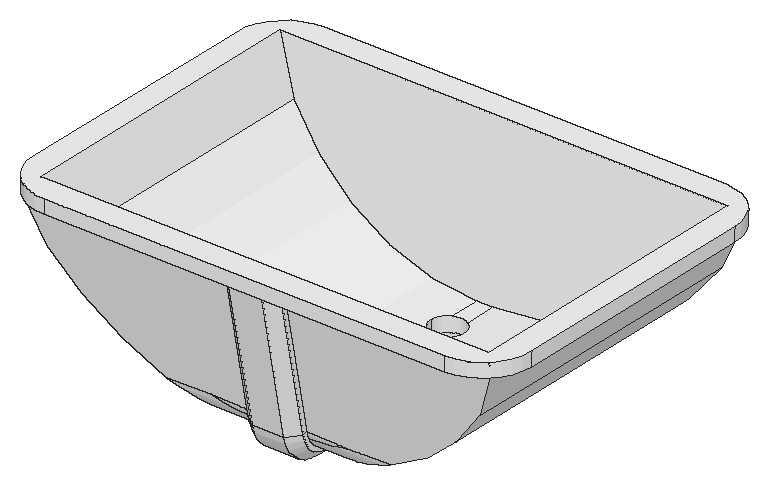
Revit family "Sink-Undermount-Waterworks-Rectangular-Clara", category Plumbing Fixtures, host Face, Revit 2014
Parameters (values of type "Single Glazed")
  ‌Installation Requirements or Notes = "Dimensions of sinks are nominal and are subject to slight variations"  # constant formula
  Waste Connection = 1 = 1  # yes
  Warranty = "http://www.waterworks.com/warranty"
  Version = "2014 - v1.0a"  # constant formula
  Vent Connection = 1 = 0  # no
  Support Phone = "(224) 699-9545"  # constant formula
  Support Email = "mailto:support@anguleris.com"
  Sanitary Connector = "Sanitary Drain"  # constant formula
  Model SKU = if(Constraint = 1, "11-48480-15126", if(Constraint = 2, "11-15689-67913", "Not Available"))  # "11-48480-15126"
  Manufacturer Email = "mailto:acallanan@waterworks.com"
  Length = 1' - 8 1/16"  # constant formula
  Keynote = "22 40 00.A5"
  Height = 0' - 8"  # constant formula
  HW Connection = 1 = 0  # no
  WFU = 0
  URL = "http://www.waterworks.com/"
  Product Page URL = "http://www.waterworks.com/clara-undermount-rectangular-vitreous-china-lavatory-sink-single-glazed-20-1-16-x-14-1-8-x-8-cylv20"
  Product Name = if(Constraint = 1, "Clara Undermount Rectangular Vitreous China Lavatory Sink Single Glazed", if(Constraint = 2, "Clara Undermount Rectangular Vitreous China Lavatory Sink Double Glazed", "Not Available"))  # "Clara Undermount Rectangular Vitreous China Lavatory Sink Single Glazed"
  Product Documentation Link = "http://assets.waterworks.com/wasset/37/original/35037.pdf"
  Model = if(Constraint = 1, "CYLV20", if(Constraint = 2, "CYLV22", "Not Available"))  # "CYLV20"
  Material = ""
  Manufacturer Phone Number = "(203)546-6201"  # constant formula
  Manufacturer Address = "60 Backus Avenue, Danbury, CT 06810"  # constant formula
  Manufacturer = "Waterworks"  # constant formula
  HWFU = 0
  Finish = Vitreous China - Waterworks -  White
  Drain Diameter = 0' - 1 3/8"  # constant formula
  Description = if(Constraint = 1, "Clara Undermount Rectangular Vitreous China Lavatory Sink Single Glazed", if(Constraint = 2, "Clara Undermount Rectangular Vitreous China Lavatory Sink Double Glazed", "Not Availabe"))  # "Clara Undermount Rectangular Vitreous China Lavatory Sink Single Glazed"
  Depth = 1' - 2 1/8"  # constant formula
  Default Elevation = 2' - 10"
  Counter Thickness [instance] = 0' - 1"
  Copyright = "@2017 Waterworks Operating Company LLC. All rights reserved"  # constant formula
  Constraint = 1
  CWFU = 0
  CW Connection = 1 = 0  # no
  Assembly Code = "D2010400"
  ADA Compliant = no
Types (2): name | Model SKU | Product Page URL | Product Name | Product Documentation Link | Model | Description | Constraint | ADA Compliant
  Double Glazed | "11-15689-67913" | "http://www.waterworks.com/clara-undermount-rectangular-vitreous-china-lavatory-sink-double-glazed-20-1-16-x-14-1-8-x-8-cylv22" | "Clara Undermount Rectangular Vitreous China Lavatory Sink Double Glazed" | "http://assets.waterworks.com/wasset/43/original/41043.pdf" | "CYLV22" | "Clara Undermount Rectangular Vitreous China Lavatory Sink Double Glazed" | 2 | yes
  Single Glazed | "11-48480-15126" | "http://www.waterworks.com/clara-undermount-rectangular-vitreous-china-lavatory-sink-single-glazed-20-1-16-x-14-1-8-x-8-cylv20" | "Clara Undermount Rectangular Vitreous China Lavatory Sink Single Glazed" | "http://assets.waterworks.com/wasset/37/original/35037.pdf" | "CYLV20" | "Clara Undermount Rectangular Vitreous China Lavatory Sink Single Glazed" | 1 | no
Reference planes (in)
  plane 1 "Center (Front/Back)": y = 0
  plane 2 "Top": z = 0
  plane 3 "Center (Left/Right)": x = 0
  plane 4 "Left": x = -10.03125
  plane 5 "Right": x = 10.03125
  plane 6 "Front": y = -7.0625
  plane 7 "Back": y = 7.0625
  plane 8 "Bottom": z = -9
  plane 9: z = -1.5625
  plane 10: z = -7.875
  plane 11: y = 6.03125
  plane 12: y = -6.03125
  plane 13: y = 3.1875
  plane 14: x = -9.03125
  plane 15: x = 9.03125
  plane 16: z = -1
Forms (in)
  Extrusion 1, void
    sketch origin (0, 0, 0) x (1, 0, 0) y (0, 1, 0)
      loop
        arc (-8.09375, 7.0625) -> (-9.46377, 6.49502) -> (-10.03125, 5.125) r 1.9375
        line (-10.03125, 5.125) -> (-10.03125, -5.125)
        arc (-10.03125, -5.125) -> (-9.46377, -6.49502) -> (-8.09375, -7.0625) r 1.9375
        line (-8.09375, -7.0625) -> (8.09375, -7.0625)
        arc (8.09375, -7.0625) -> (9.46377, -6.49502) -> (10.03125, -5.125) r 1.9375
        line (10.03125, -5.125) -> (10.03125, 5.125)
        arc (10.03125, 5.125) -> (9.46377, 6.49502) -> (8.09375, 7.0625) r 1.9375
        line (8.09375, 7.0625) -> (-8.09375, 7.0625)
    from -9 to -1
  Extrusion 2, void
    sketch origin (0, 0, 0) x (1, 0, 0) y (0, 1, 0)
      loop
        circle (0, 3.1875) r 0.6875
    from -9 to -1
  Revolve 3, solid, material "Vitreous China - Waterworks -  White" <- "Finish"
    sketch origin (0, 0, 0) x (0, 1, 0) y (0, 0, 1)
      loop
        line (3.875, -7.375) -> (3.875, -9) -> (4.375, -9)
        arc (4.375, -9) -> (4.3971, -8.99085) -> (4.40625, -8.96875) r 0.03125
        line (4.40625, -8.96875) -> (4.40625, -7.375) -> (3.875, -7.375)
      axis (3.1875, -7.375) -> (3.1875, -9)
    angle from 0 to 360
  Extrusion 4, void
    sketch origin (0, 0, 0) x (1, 0, 0) y (0, 1, 0)
      loop
        line (-9.15625, 5.25) -> (-9.15625, -5.25)
        arc (-9.15625, -5.25) -> (-8.89082, -5.89082) -> (-8.25, -6.15625) r 0.90625
        line (-8.25, -6.15625) -> (8.25, -6.15625)
        arc (8.25, -6.15625) -> (8.89082, -5.89082) -> (9.15625, -5.25) r 0.90625
        line (9.15625, -5.25) -> (9.15625, 5.25)
        arc (9.15625, 5.25) -> (8.89082, 5.89082) -> (8.25, 6.15625) r 0.90625
        line (8.25, 6.15625) -> (-8.25, 6.15625)
        arc (-8.25, 6.15625) -> (-8.89082, 5.89082) -> (-9.15625, 5.25) r 0.90625
    from -9 to 0
  Extrusion 5, solid, material "Vitreous China - Waterworks -  White" <- "Finish"
    sketch origin (0, 0, 0) x (1, 0, 0) y (0, 1, 0)
      loop
        line (-9.03125, 6.03125) -> (-9.03125, -6.03125) -> (9.03125, -6.03125) -> (9.03125, 6.03125) -> (-9.03125, 6.03125)
      loop
        arc (-8.09375, 7.0625) -> (-9.46377, 6.49502) -> (-10.03125, 5.125) r 1.9375
        line (-10.03125, 5.125) -> (-10.03125, -5.125)
        arc (-10.03125, -5.125) -> (-9.46377, -6.49502) -> (-8.09375, -7.0625) r 1.9375
        line (-8.09375, -7.0625) -> (8.09375, -7.0625)
        arc (8.09375, -7.0625) -> (9.46377, -6.49502) -> (10.03125, -5.125) r 1.9375
        line (10.03125, -5.125) -> (10.03125, 5.125)
        arc (10.03125, 5.125) -> (9.46377, 6.49502) -> (8.09375, 7.0625) r 1.9375
        line (8.09375, 7.0625) -> (-8.09375, 7.0625)
    from -1.5625 to -1
  Extrusion 6, solid, material "Vitreous China - Waterworks -  White" <- "Finish"
    sketch origin (0, 0, 0) x (1, 0, 0) y (0, 0, 1)
      loop
        line (-9.44179, -1.5625) -> (-8.75344, -3.33945)
        arc (-8.75344, -3.33945) -> (-5.10424, -6.66929) -> (-0.31354, -7.875) r 10.12039
        line (-0.31354, -7.875) -> (0.31354, -7.875)
        arc (0.31354, -7.875) -> (5.10424, -6.66929) -> (8.75344, -3.33945) r 10.12039
        line (8.75344, -3.33945) -> (9.44179, -1.5625) -> (9.44179, -1) -> (9.03125, -1) -> (8.23007, -3.06822)
        arc (8.23007, -3.06822) -> (4.79927, -6.16794) -> (0.31354, -7.28906) r 9.53446
        line (0.31354, -7.28906) -> (-0.31354, -7.28906)
        arc (-0.31354, -7.28906) -> (-4.79941, -6.16786) -> (-8.23025, -3.06795) r 9.53446
        line (-8.23025, -3.06795) -> (-9.03133, -1) -> (-9.44179, -1) -> (-9.44179, -1.5625)
    from -7.0625 to 7.0625
  Extrusion 7, solid, material "Vitreous China - Waterworks -  White" <- "Finish"
    sketch origin (0, 0, 0) x (0, 1, 0) y (0, 0, 1)
      loop
        line (5.50934, -6.90817) -> (6.4202, -1) -> (6.03125, -1) -> (5.06167, -7.28906) -> (-4.73999, -7.28906) -> (-6.03125, -1) -> (-6.54822, -1) -> (-5.32374, -6.96378)
        arc (-5.32374, -6.96378) -> (-4.92731, -7.61831) -> (-4.20643, -7.875) r 1.14062
        line (-4.20643, -7.875) -> (4.38204, -7.875)
        arc (4.38204, -7.875) -> (5.1246, -7.60019) -> (5.50934, -6.90817) r 1.14062
    from -10.03125 to 10.03125
  Extrusion 8, void
    sketch origin (0, 0, 0) x (-1, 0, 0) y (0, 0, 1)
      loop
        line (10.03125, -1) -> (9.44179, -1) -> (9.44179, -1.5625) -> (8.75344, -3.33945)
        arc (8.75344, -3.33945) -> (5.10424, -6.66929) -> (0.31354, -7.875) r 10.12039
        line (0.31354, -7.875) -> (-0.31354, -7.875)
        arc (-0.31354, -7.875) -> (-5.10424, -6.66929) -> (-8.75344, -3.33945) r 10.12039
        line (-8.75344, -3.33945) -> (-9.44179, -1.5625) -> (-9.44179, -1) -> (-10.03125, -1) -> (-10.03125, -9) -> (10.03125, -9) -> (10.03125, -1)
    from -7.0625 to 7.0625
  Extrusion 9, void
    sketch origin (0, 0, 0) x (0, 1, 0) y (0, 0, 1)
      loop
        line (6.4202, -1) -> (5.50934, -6.90817)
        arc (5.50934, -6.90817) -> (5.1246, -7.60019) -> (4.38204, -7.875) r 1.14062
        line (4.38204, -7.875) -> (-4.20643, -7.875)
        arc (-4.20643, -7.875) -> (-4.92731, -7.61831) -> (-5.32374, -6.96378) r 1.14062
        line (-5.32374, -6.96378) -> (-6.54822, -1) -> (-7.0625, -1) -> (-7.0625, -9) -> (7.0625, -9) -> (7.0625, -1) -> (6.4202, -1)
    from -10.03125 to 10.03125
  Sweep 10, solid, material "Vitreous China - Waterworks -  White" <- "Finish"
    path origin (0, 0, 0) x (0, 1, 0) y (0, 0, 1)
      loop
        line (-6.4802, -1.33128) -> (-5.32374, -6.96378)
        arc (-5.32374, -6.96378) -> (-4.92731, -7.61831) -> (-4.20643, -7.875) r 1.14062
        line (-4.20643, -7.875) -> (3.1875, -7.875)
    profile origin (0, 3.1875, -7.875) x (0, 0, 1) y (1, 0, 0)
      loop
        line (-0.18469, -1.1106) -> (0.3125, -1.13061) -> (0.3125, 1.13061) -> (-0.18469, 1.1106) -> (-0.5731, 0.65788) -> (-0.5731, -0.65788) -> (-0.18469, -1.1106)
  Extrusion 11, void
    sketch origin (0, 0, 0) x (1, 0, 0) y (0, 0, 1)
      loop
        circle (0, -2.04121) r 0.25
      loop
        circle (-0.89125, -2.04121) r 0.25
      loop
        circle (0.89125, -2.04121) r 0.25
    from 5.58928 to 6.43273
Cuts and joins
  Extrusion 2 cuts Revolve 3
  Extrusion 2 cuts Extrusion 5
  Extrusion 2, Extrusion 9 cuts Extrusion 6
  Extrusion 2, Extrusion 8, Extrusion 11 cuts Extrusion 7
  Extrusion 2 cuts Sweep 10
  joined: Revolve 3, Extrusion 5, Extrusion 6, Extrusion 7, Sweep 10
Lines and regions (in)
  Masking region 1
    outline origin (0, 0, 0) x (1, 0, 0) y (0, 1, 0)
      loop
        arc (-8.09375, 7.0625) -> (-9.46377, 6.49502) -> (-10.03125, 5.125) r 1.9375
        line (-10.03125, 5.125) -> (-10.03125, -5.125)
        arc (-10.03125, -5.125) -> (-9.46377, -6.49502) -> (-8.09375, -7.0625) r 1.9375
        line (-8.09375, -7.0625) -> (8.09375, -7.0625)
        arc (8.09375, -7.0625) -> (9.46377, -6.49502) -> (10.03125, -5.125) r 1.9375
        line (10.03125, -5.125) -> (10.03125, 5.125)
        arc (10.03125, 5.125) -> (9.46377, 6.49502) -> (8.09375, 7.0625) r 1.9375
        line (8.09375, 7.0625) -> (-8.09375, 7.0625)
  symbolic lines, style "PlumbingFixtures", detail levels medium+fine
    curve 1: circle (0, 3.1875, 0) r 0.6875 normal (0, 0, 1)
  symbolic lines, style "Medium"
    curve 2: line (-8.25, 6.03125, 0) -> (8.25, 6.03125, 0)
    curve 3: line (-9.03125, -5.25, 0) -> (-9.03125, 5.25, 0)
    curve 4: line (8.25, -6.03125, 0) -> (-8.25, -6.03125, 0)
    curve 5: line (9.03125, 5.25, 0) -> (9.03125, -5.25, 0)
    curve 6: arc (-9.03125, 5.25, 0) -> (-8.80243, 5.80243, 0) -> (-8.25, 6.03125, 0) r 0.78125
    curve 7: arc (-8.25, -6.03125, 0) -> (-8.80243, -5.80243, 0) -> (-9.03125, -5.25, 0) r 0.78125
    curve 8: arc (9.03125, -5.25, 0) -> (8.80243, -5.80243, 0) -> (8.25, -6.03125, 0) r 0.78125
    curve 9: arc (8.25, 6.03125, 0) -> (8.80243, 5.80243, 0) -> (9.03125, 5.25, 0) r 0.78125
  symbolic lines, style "PlumbingFixtures", detail levels fine
    curve 10: spline (-0.43304, 5.06167, 0) -> (-1.20268, 5.06815, 0) -> (-1.96633, 5.08411, 0) -> (-2.71899, 5.10944, 0) -> (-3.4557, 5.14398, 0) -> (-4.17163, 5.18751, 0) -> (-4.86205, 5.23973, 0) -> (-5.52243, 5.3003, 0) -> (-6.14844, 5.36883, 0) -> (-6.73594, 5.44486, 0) -> (-7.28108, 5.52789, 0) -> (-7.78028, 5.61738, 0) -> (-8.23025, 5.71273, 0)
    curve 11: line (0.43304, 5.06167, 0) -> (-0.43304, 5.06167, 0)
    curve 12: spline (8.23007, 5.71269, 0) -> (7.78009, 5.61734, 0) -> (7.2809, 5.52786, 0) -> (6.73576, 5.44483, 0) -> (6.14826, 5.36881, 0) -> (5.52227, 5.30028, 0) -> (4.8619, 5.23972, 0) -> (4.1715, 5.1875, 0) -> (3.4556, 5.14398, 0) -> (2.71891, 5.10944, 0) -> (1.96627, 5.08411, 0) -> (1.20264, 5.06815, 0) -> (0.43304, 5.06167, 0)
    curve 13: line (-8.23025, 5.71273, 0) -> (-8.23025, -5.60737, 0)
    curve 14: spline (-8.23025, -5.60737, 0) -> (-7.78462, -5.48105, 0) -> (-7.2895, -5.36242, 0) -> (-6.74817, -5.25227, 0) -> (-6.16418, -5.1513, 0) -> (-5.54139, -5.0602, 0) -> (-4.88391, -4.97957, 0) -> (-4.19606, -4.90992, 0) -> (-3.4824, -4.85173, 0) -> (-2.7476, -4.80538, 0) -> (-1.99654, -4.77117, 0) -> (-1.23415, -4.74932, 0) -> (-0.46546, -4.73999, 0)
    curve 15: line (-0.46546, -4.73999, 0) -> (0.46545, -4.73999, 0)
    curve 16: spline (0.46545, -4.73999, 0) -> (1.23411, -4.74932, 0) -> (1.99648, -4.77116, 0) -> (2.74752, -4.80537, 0) -> (3.48229, -4.85172, 0) -> (4.19593, -4.90991, 0) -> (4.88376, -4.97955, 0) -> (5.54123, -5.06018, 0) -> (6.16401, -5.15128, 0) -> (6.74798, -5.25223, 0) -> (7.28932, -5.36238, 0) -> (7.78443, -5.481, 0) -> (8.23007, -5.60731, 0)
    curve 17: line (8.23007, 5.71269, 0) -> (8.23007, -5.60731, 0)
  symbolic lines, detail levels fine
    curve 18: spline (-1.2034, -5.67783, 0) -> (-1.19316, -5.71472, 0) -> (-1.16315, -5.7491, 0) -> (-1.11539, -5.77863, 0) -> (-1.05316, -5.80128, 0) -> (-0.98069, -5.81552, 0) -> (-0.90292, -5.82038, 0) -> (-0.82515, -5.81552, 0) -> (-0.75268, -5.80128, 0) -> (-0.69044, -5.77863, 0) -> (-0.64269, -5.7491, 0) -> (-0.61267, -5.71472, 0) -> (-0.60243, -5.67783, 0) -> (-0.61267, -5.64093, 0) -> (-0.64269, -5.60655, 0) -> (-0.69044, -5.57703, 0) -> (-0.75268, -5.55437, 0) -> (-0.82515, -5.54013, 0) -> (-0.90292, -5.53527, 0) -> (-0.98069, -5.54013, 0) -> (-1.05316, -5.55437, 0) -> (-1.11539, -5.57703, 0) -> (-1.16315, -5.60655, 0) -> (-1.19316, -5.64093, 0) -> (-1.2034, -5.67783, 0)
    curve 19: spline (1.2034, -5.67783, 0) -> (1.19316, -5.71472, 0) -> (1.16315, -5.7491, 0) -> (1.11539, -5.77863, 0) -> (1.05316, -5.80128, 0) -> (0.98069, -5.81552, 0) -> (0.90292, -5.82038, 0) -> (0.82515, -5.81552, 0) -> (0.75268, -5.80128, 0) -> (0.69044, -5.77863, 0) -> (0.64269, -5.7491, 0) -> (0.61267, -5.71472, 0) -> (0.60243, -5.67783, 0) -> (0.61267, -5.64093, 0) -> (0.64269, -5.60655, 0) -> (0.69044, -5.57703, 0) -> (0.75268, -5.55437, 0) -> (0.82515, -5.54013, 0) -> (0.90292, -5.53527, 0) -> (0.98069, -5.54013, 0) -> (1.05316, -5.55437, 0) -> (1.11539, -5.57703, 0) -> (1.16315, -5.60655, 0) -> (1.19316, -5.64093, 0) -> (1.2034, -5.67783, 0)
    curve 20: spline (0.30048, -5.67783, 0) -> (0.29025, -5.71472, 0) -> (0.26023, -5.7491, 0) -> (0.21247, -5.77863, 0) -> (0.15024, -5.80128, 0) -> (0.07777, -5.81552, 0) -> (0, -5.82038, 0) -> (-0.07777, -5.81552, 0) -> (-0.15024, -5.80128, 0) -> (-0.21247, -5.77863, 0) -> (-0.26023, -5.7491, 0) -> (-0.29025, -5.71472, 0) -> (-0.30048, -5.67783, 0) -> (-0.29025, -5.64093, 0) -> (-0.26023, -5.60655, 0) -> (-0.21247, -5.57703, 0) -> (-0.15024, -5.55437, 0) -> (-0.07777, -5.54013, 0) -> (0, -5.53527, 0) -> (0.07777, -5.54013, 0) -> (0.15024, -5.55437, 0) -> (0.21247, -5.57703, 0) -> (0.26023, -5.60655, 0) -> (0.29025, -5.64093, 0) -> (0.30048, -5.67783, 0)
Dimensions and locks (in)
  equal spacing: plane 4 "Left", plane 3 "Center (Left/Right)", plane 5 "Right"
  equal spacing: plane 6 "Front", plane 1 "Center (Front/Back)", plane 7 "Back"
  "Depth": plane 6 "Front" to plane 7 "Back"
  plane 4 "Left" to plane 5 "Right" = 1' - 8 1/16"
  locked: plane 11 to plane 7 "Back" at 1.03125
  locked: plane 13 to plane 7 "Back" at 3.875
  locked: plane 6 "Front" to plane 12 at 1.03125
  locked: plane 4 "Left" to plane 14 at 1
  locked: plane 15 to plane 5 "Right" at 1
  plane 4 "Left" to Extrusion 1 sketch curve to Extrusion 1 sketch curve = 0' - 1 15/16" locked, 0' - 0" locked
  Extrusion 1 sketch curve to Extrusion 1 sketch curve to plane 5 "Right" = 0' - 0" locked, 0' - 1 15/16" locked
  Extrusion 1 sketch curve to Extrusion 1 sketch curve to plane 7 "Back" = 0' - 0" locked, 0' - 1 15/16" locked
  plane 6 "Front" to Extrusion 1 sketch curve to Extrusion 1 sketch curve = 0' - 1 15/16" locked, 0' - 0" locked
  locked: plane 10 to plane 8 "Bottom" at 1.125
  locked: Revolve 3 sketch curve to plane 10 at 0.5
  Revolve 3 sketch curve to Revolve 3 sketch curve to Revolve 3 sketch curve to plane 13 = 0' - 0 1/32" locked, 0' - 0 1/2" locked, 0' - 0 11/16" locked
  plane 4 "Left" to Masking region 1 sketch curve to Masking region 1 sketch curve = 0' - 1 15/16" locked, 0' - 0" locked
  Masking region 1 sketch curve to Masking region 1 sketch curve to plane 5 "Right" = 0' - 0" locked, 0' - 1 15/16" locked
  Masking region 1 sketch curve to Masking region 1 sketch curve to plane 7 "Back" = 0' - 0" locked, 0' - 1 15/16" locked
  plane 6 "Front" to Masking region 1 sketch curve to Masking region 1 sketch curve = 0' - 1 15/16" locked, 0' - 0" locked
  locked: plane 16 to plane 9 at 0.5625
  "Height": plane 16 to plane 8 "Bottom"
  "Counter Thickness": plane 2 "Top" to plane 16
  Extrusion 4 sketch curve to plane 14 to Extrusion 4 sketch curve to Extrusion 4 sketch curve = 0' - 0 1/8" locked, 0' - 0 25/32" locked, 0' - 0" locked
  Extrusion 4 sketch curve to Extrusion 4 sketch curve to plane 15 to Extrusion 4 sketch curve = 0' - 0" locked, 0' - 0 25/32" locked, 0' - 0 1/8" locked
  plane 12 to Extrusion 4 sketch curve to Extrusion 4 sketch curve = 0' - 0 25/32" locked, 0' - 0" locked
  Extrusion 4 sketch curve to Extrusion 4 sketch curve to plane 11 = 0' - 0" locked, 0' - 0 25/32" locked
  Extrusion 6 sketch curve to Extrusion 6 sketch curve to Extrusion 6 sketch curve to plane 4 "Left" = 0' - 0.52319" locked, 0' - 0.68835" locked, 0' - 0.58946" locked
  plane 5 "Right" to Extrusion 6 sketch curve to Extrusion 6 sketch curve to Extrusion 6 sketch curve = 0' - 0.58946" locked, 0' - 0.68835" locked, 0' - 0.52337" locked
  Extrusion 6 sketch curve to Extrusion 6 sketch curve to plane 3 "Center (Left/Right)" to Extrusion 6 sketch curve to Extrusion 6 sketch curve = 0' - 0" locked, 0' - 0.31354" locked, 0' - 0.31354" locked, 0' - 0" locked
  Extrusion 6 sketch curve to Extrusion 6 sketch curve to Extrusion 6 sketch curve to Extrusion 6 sketch curve to Extrusion 6 sketch curve to plane 10 = 0' - 0" locked, 0' - 0" locked, 0' - 0" locked, 0' - 9.53446" locked, 0' - 0 75/128" locked
  plane 7 "Back" to Extrusion 7 sketch curve to Extrusion 7 sketch curve to Extrusion 7 sketch curve to Extrusion 7 sketch curve = 0' - 0.6423" locked, 0' - 0.38895" locked, 0' - 0.96958" locked, 0' - 0.67963" locked
  Extrusion 7 sketch curve to Extrusion 7 sketch curve to Extrusion 7 sketch curve to Extrusion 7 sketch curve to plane 6 "Front" = 0' - 0.53356" locked, 0' - 1.29126" locked, 0' - 0.51697" locked, 0' - 0.51428" locked
  Extrusion 7 sketch curve to Extrusion 7 sketch curve to Extrusion 7 sketch curve to plane 8 "Bottom" = 0' - 0" locked, 0' - 0 71/128" locked, 0' - 1 91/128" locked
  Extrusion 8 sketch curve to Extrusion 8 sketch curve to plane 4 "Left" = 0' - 0.68835" locked, 0' - 0.58946" locked
  plane 5 "Right" to Extrusion 8 sketch curve to Extrusion 8 sketch curve = 0' - 0.58946" locked, 0' - 0.68835" locked
  Extrusion 8 sketch curve to plane 3 "Center (Left/Right)" to Extrusion 8 sketch curve = 0' - 0.31354" locked, 0' - 0.31354" locked
  Extrusion 8 sketch curve to Extrusion 8 sketch curve to plane 8 "Bottom" = 0' - 0" locked, 0' - 11.24539" locked
  plane 7 "Back" to Extrusion 9 sketch curve to Extrusion 9 sketch curve = 0' - 0.6423" locked, 0' - 2.03816" locked
  Extrusion 9 sketch curve to Extrusion 9 sketch curve to plane 6 "Front" = 0' - 2.34179" locked, 0' - 0.51428" locked
  Extrusion 9 sketch curve to Extrusion 9 sketch curve to plane 8 "Bottom" = 0' - 0" locked, 0' - 2 17/64" locked
  Sweep 10 sketch curve to plane 10 to Sweep 10 sketch curve to Sweep 10 sketch curve to Sweep 10 sketch curve = 0' - 0 5/16" locked, 0' - 0.18469" locked, 0' - 0" locked, 0' - 0.38841" locked
  Sweep 10 sketch curve to Sweep 10 sketch curve to Sweep 10 sketch curve to plane 3 "Center (Left/Right)" to Sweep 10 sketch curve to Sweep 10 sketch curve to Sweep 10 sketch curve = 0' - 0.02001" locked, 0' - 0.45273" locked, 0' - 0.65788" locked, 0' - 0.65788" locked, 0' - 0.45273" locked, 0' - 0.02001" locked
  locked: plane 16 to Sweep 10 sketch curve at 0.33128
  plane 4 "Left" to Extrusion 5 sketch curve to Extrusion 5 sketch curve = 0' - 1 15/16" locked, 0' - 0" locked
  Extrusion 5 sketch curve to Extrusion 5 sketch curve to plane 5 "Right" = 0' - 0" locked, 0' - 1 15/16" locked
  Extrusion 5 sketch curve to Extrusion 5 sketch curve to plane 7 "Back" = 0' - 0" locked, 0' - 1 15/16" locked
  plane 6 "Front" to Extrusion 5 sketch curve to Extrusion 5 sketch curve = 0' - 1 15/16" locked, 0' - 0" locked
  plane 6 "Front" to Extrusion 11 to Extrusion 11 = 0' - 0.62977" locked, 0' - 0.84344" locked
  Extrusion 11 sketch curve to plane 3 "Center (Left/Right)" to Extrusion 11 sketch curve to Extrusion 11 sketch curve = 0' - 0.64125" locked, 0' - 0 1/4" locked, 0' - 0.39125" locked
  plane 9 to Extrusion 11 sketch curve to Extrusion 11 sketch curve to Extrusion 11 sketch curve = 0' - 0.72871" locked, 0' - 0" locked, 0' - 0" locked
  aligned and locked: host face to plane 2 "Top"
  aligned and locked: level to host face
  aligned and locked: plane 7 "Back" to Extrusion 1 sketch curve
  aligned and locked: plane 4 "Left" to Extrusion 1 sketch curve
  aligned and locked: Extrusion 1 sketch curve to plane 6 "Front"
  aligned and locked: Extrusion 1 sketch curve to plane 5 "Right"
  aligned and locked: Extrusion 1 to plane 8 "Bottom"
  aligned and locked: plane 3 "Center (Left/Right)" to Extrusion 2 sketch curve
  aligned and locked: plane 13 to Extrusion 2 sketch curve
  aligned and locked: Extrusion 2 to plane 8 "Bottom"
  aligned and locked: Revolve 3 sketch curve to plane 13
  aligned and locked: plane 8 "Bottom" to Revolve 3 sketch curve
  aligned and locked: Masking region 1 sketch curve to plane 7 "Back"
  aligned and locked: Masking region 1 sketch curve to plane 4 "Left"
  aligned and locked: plane 6 "Front" to Masking region 1 sketch curve
  aligned and locked: plane 5 "Right" to Masking region 1 sketch curve
  aligned and locked: plane 16 to Extrusion 2
  aligned and locked: plane 16 to Extrusion 1
  aligned and locked: plane 2 "Top" to Extrusion 4
  aligned and locked: Extrusion 4 to plane 8 "Bottom"
  aligned and locked: plane 14 to Extrusion 5 sketch curve
  aligned and locked: plane 11 to Extrusion 5 sketch curve
  aligned and locked: Extrusion 5 sketch curve to plane 15
  aligned and locked: Extrusion 5 sketch curve to plane 12
  aligned and locked: plane 4 "Left" to Extrusion 5 sketch curve
  aligned and locked: plane 7 "Back" to Extrusion 5 sketch curve
  aligned and locked: Extrusion 5 sketch curve to plane 5 "Right"
  aligned and locked: Extrusion 5 sketch curve to plane 6 "Front"
  aligned and locked: Extrusion 5 to plane 9
  aligned and locked: plane 16 to Extrusion 5
  aligned and locked: Extrusion 6 sketch curve to plane 16  (x2)
  aligned and locked: Extrusion 6 to plane 7 "Back"
  aligned and locked: plane 6 "Front" to Extrusion 6
  aligned and locked: plane 16 to Extrusion 7 sketch curve
  aligned and locked: Extrusion 7 sketch curve to plane 16
  aligned and locked: Extrusion 7 sketch curve to plane 10
  aligned and locked: Extrusion 7 to plane 4 "Left"
  aligned and locked: plane 5 "Right" to Extrusion 7
  aligned and locked: plane 4 "Left" to Extrusion 8 sketch curve
  aligned and locked: plane 8 "Bottom" to Extrusion 8 sketch curve
  aligned and locked: Extrusion 8 sketch curve to plane 5 "Right"
  aligned and locked: Extrusion 8 sketch curve to plane 16  (x2)
  aligned and locked: Extrusion 8 sketch curve to plane 10
  aligned and locked: plane 6 "Front" to Extrusion 8
  aligned and locked: Extrusion 8 to plane 7 "Back"
  aligned and locked: plane 16 to Extrusion 9 sketch curve  (x2)
  aligned and locked: plane 7 "Back" to Extrusion 9 sketch curve
  aligned and locked: Extrusion 9 sketch curve to plane 6 "Front"
  aligned and locked: plane 8 "Bottom" to Extrusion 9 sketch curve
  aligned and locked: Extrusion 9 sketch curve to plane 10
  aligned and locked: Extrusion 9 to plane 4 "Left"
  aligned and locked: plane 5 "Right" to Extrusion 9
  aligned and locked: Sweep 10 sketch curve to cut or joined group of Extrusion 2, Revolve 3, Extrusion 5, Extrusion 6, Extrusion 7, Extrusion 8, Extrusion 9, Sweep 10, Extrusion 11
  aligned and locked: plane 13 to Sweep 10 sketch curve
Automatic sketch dimensions
  host sketch curve to host sketch curve = 6' - 0"  (x2)
  Extrusion 9 sketch curve to plane 12 = 0' - 0.70751"
  plane 11 to Extrusion 9 sketch curve = 0' - 0.52191"
  Extrusion 11 sketch curve to plane 3 "Center (Left/Right)" = 0' - 0"
  curve 7 to plane 14 = 0' - 0"
  plane 12 to curve 7 = 0' - 0"
  plane 11 to curve 2 = 0' - 0"
  curve 20 to plane 3 "Center (Left/Right)" = 0' - 0"
  curve 1 to plane 3 "Center (Left/Right)" = 0' - 0"
  curve 8 to plane 15 = 0' - 0"
  plane 13 to curve 1 = 0' - 0"
  plane 14 to curve 2 = 0' - 0 25/32"
  plane 14 to curve 4 = 0' - 0 25/32"
  curve 7 to curve 13 = 0' - 0.01975"
  curve 15 to plane 3 "Center (Left/Right)" = 0' - 0.46546"
  curve 11 to plane 3 "Center (Left/Right)" = 0' - 0.43304"
  plane 3 "Center (Left/Right)" to curve 11 = 0' - 0.43304"
  plane 3 "Center (Left/Right)" to curve 15 = 0' - 0.46545"
  plane 11 to curve 17 = 0' - 0.31856"
  curve 17 to plane 15 = 0' - 0.80118"
  curve 17 to curve 8 = 0' - 0.01993"
  curve 12 to curve 9 = 0' - 0.01993"
  curve 13 to curve 7 = 0' - 0.35737"
  curve 17 to curve 8 = 0' - 0.35731"
  curve 15 to plane 12 = 0' - 1.29126"
  plane 11 to curve 11 = 0' - 0.96958"
  plane 11 to curve 13 = 0' - 0.31852"
  plane 4 "Left" to curve 14 = 0' - 0.26814"
  plane 4 "Left" to curve 10 = 0' - 0.23189"
  curve 18 to plane 12 = 0' - 0.35342"
  curve 18 to curve 15 = 0' - 0.73794"
  curve 18 to curve 18 = 0' - 0.30048"
  curve 10 to plane 3 "Center (Left/Right)" = 0' - 0.29397"
  curve 14 to plane 3 "Center (Left/Right)" = 0' - 0.27883"
  plane 3 "Center (Left/Right)" to curve 16 = 0' - 0.27884"
  plane 3 "Center (Left/Right)" to curve 12 = 0' - 0.29397"
  plane 3 "Center (Left/Right)" to curve 20 = 0' - 0.30048"
  curve 20 to curve 19 = 0' - 0.60243"
  curve 19 to curve 19 = 0' - 0.30048"
  curve 16 to plane 5 "Right" = 0' - 0.26815"
  curve 12 to plane 5 "Right" = 0' - 0.2319"
  curve 20 to plane 12 = 0' - 0.35342"
  curve 19 to plane 12 = 0' - 0.35342"
  Revolve 3 sketch curve to plane 8 "Bottom" = 0' - 4"
  level to Revolve 3 sketch curve = 1' - 0"
  Extrusion 6 sketch curve to plane 15 = 0' - 0"
  Extrusion 6 sketch curve to plane 10 = 0' - 0"
  Extrusion 6 sketch curve to plane 9 = 0' - 0"  (x2)
  Extrusion 6 sketch curve to plane 14 = 0' - 0.00008"
  Extrusion 7 sketch curve to Extrusion 7 sketch curve = 0' - 0.58375"
  plane 11 to Extrusion 7 sketch curve = 0' - 0.52191"
  Extrusion 8 sketch curve to plane 9 = 0' - 0"  (x2)
  Sweep 10 sketch curve to plane 12 = 0' - 0.70751"
  plane 12 to Sweep 10 sketch curve = 0' - 0.44895"
  radius of Extrusion 2 sketch curve = 0' - 0 11/16"
  radius of Extrusion 11 sketch curve = 0' - 0 1/4"  (x2)
  radius of curve 1 = 0' - 0 11/16"
Connectors (in)
  piping at (0, 3.1875, -9), diameter 1.375, driven by "Sanitary Connector", driven by "Drain Diameter"
    settings: on Extrusion 2, index 1, connector inside diameter 24", connector length 0' - 0", flow factor 0, pipe flow 1.5 GPM, pressure drop 0.00 psi, fitting loss kfactor 0, connector angle 0.00°, fixture units 0, engagement length 0' - 0", angle of deflection 0.00°, flow configuration 0, flow direction 2, fitting loss method 0, system type 16, joint type 0, gender type 0, connector reference index -1, connector utility 0, adjustable connector no, is connector primary yes, connector description "Sanitary Drain"
